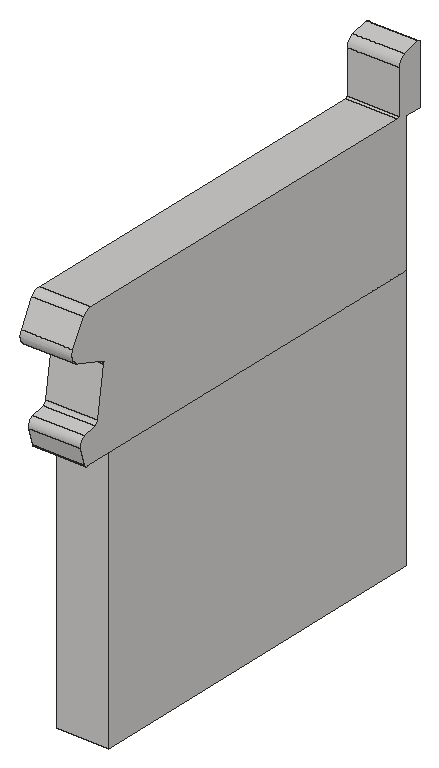
Revit family "QF_CAPIC_CELTIC_W380631", category Equipement spécialisé, Revit 2018
Family settings
  Cote de connecteur circulaire = Utiliser le diamètre
  Type d'élément = Normal
  Numéro OmniClass = 23.40.40.14
  Titre OmniClass = Food Service Equipment
  Basée sur le plan de construction = Non
  Toujours verticalement = Oui
  Couper avec des vides une fois chargée = Non
  Partagée = Non
  Point de calcul de pièce = Non
Parameters (values of type "100 x 835 x 900 mm")
  URL catalogue = "http://www.capic-fr.com/fr/"
  Type de Raccord Plomberie [instance] = ""
  Type de Raccord Electrique [instance] = ""
  Type de Gaz = ""
  Type article [instance] = ""
  Tension = 0 V
  Spécification du Fabricant = ""
  Show Logo [instance] = yes
  Remarques evacuation [instance] = ""
  Remarques Plomberie [instance] = ""
  Remarques Electricité [instance] = ""
  Puissance électrique  = 0 W
  Puissance Gaz kW = 0
  Profondeur hors tout = 835 mm
  Pression Maximum Eau Adoucie = 0.0 Pa
  Poids net à vide = 15.10 kg
  Phase = 0
  Modèle = "W380631"
  Longueur hors tout = 100 mm
  Intensité nominale = 0 A
  Hauteur hors tout = 1015 mm
  Hauteur de Raccordement du Sol Finis = 0 mm
  Hauteur de Raccordement Gaz du Sol Finis = 0 mm
  Hauteur de Raccordement Evacuation Directe du Sol Finis = 0 mm
  Hauteur de Raccordement Eau Froide du Sol Finis = 0 mm
  Hauteur de Raccordement Eau Chaude du Sol Finis = 0 mm
  Hauteur de Raccordement Eau Adoucie du Sol Finis = 0 mm
  Fréquence = 0 Hz
  Fabricant = "CAPIC"
  Débit d'air d'extraction = 0.0 m³/h
  Débit Gaz = 0.0 L/s
  Débit Eau Froide = 0.0 L/s
  Débit Eau Chaude = 0.0 L/s
  Débit Eau Adoucie = 0.0 L/s
  Diamètre de Raccordement Gaz = 0 mm
  Diamètre de Raccordement Evacuation = 0 mm
  Diamètre de Raccordement Eau Froide = 0 mm
  Diamètre de Raccordement Eau Chaude = 0 mm
  Diamètre de Raccordement Eau Adoucie = 0 mm
  Description = "Plan neutre sur facade pleine"
  Assembly Code = ""
  Classification  Omniclass nombre et titre = "23.40.40.14"
Reference planes
  plane 1 "Centre (avant/arrière)": y = 0
  plane 2: z = 0
  plane 3 "Centre (gauche/droite)": x = 0
  plane 4: x = 100
  plane 5: z = 120.054
Forms (mm)
  Extrusion 1, solid, material "QF_Stainless Steel-Brushed"
    sketch origin (0, 0, 0) x (0, 1, 0) y (0, 0, 1)
      loop
        line (-122, 897) -> (-89, 897) -> (-89, 1011.429)
        arc (-89, 1011.429) -> (-89.782, 1013.016) -> (-91.518, 1013.361) r 2
        line (-91.518, 1013.361) -> (-123.288, 1004.848)
        arc (-123.288, 1004.848) -> (-133.177, 998.24) -> (-137, 986.978) r 18.5
        line (-137, 986.978) -> (-137, 903)
        arc (-137, 903) -> (-137.879, 900.879) -> (-140, 900) r 3
        line (-140, 900) -> (-879.289, 900)
        arc (-879.289, 900) -> (-889.289, 897.321) -> (-896.61, 890) r 20
        line (-896.61, 890) -> (-922.551, 845.067)
        arc (-922.551, 845.067) -> (-924.025, 828.227) -> (-912.071, 816.274) r 20
        line (-912.071, 816.274) -> (-852.584, 794.622)
        arc (-852.584, 794.622) -> (-849.467, 792.029) -> (-848.71, 788.045) r 6
        line (-848.71, 788.045) -> (-863.004, 697.797)
        arc (-863.004, 697.797) -> (-865.152, 693.242) -> (-869.412, 690.554) r 9
        line (-869.412, 690.554) -> (-893.968, 683.511)
        arc (-893.968, 683.511) -> (-902.687, 676.541) -> (-903.87, 665.441) r 14.5
        line (-903.87, 665.441) -> (-894.201, 632.915)
        arc (-894.201, 632.915) -> (-892.759, 630.848) -> (-890.367, 630.054) r 4
        line (-890.367, 630.054) -> (-122, 630.054) -> (-122, 897)
    from 0 to 100
  Extrusion 2, solid, material "QF_Stainless Steel-Brushed"
    sketch origin (0, 0, 0) x (0, 1, 0) y (0, 0, 1)
      loop
        line (-122, 120.054) -> (-122, 630.054) -> (-838, 630.054) -> (-838, 120.054) -> (-122, 120.054)
    from 0 to 100
Dimensions and locks
  "Longueur hors tout": plane 3 "Centre (gauche/droite)" to plane 4
  aligned and locked: level to plane 2
  aligned and locked: plane 4 to Extrusion 1
  aligned and locked: plane 4 to Extrusion 2
Automatic sketch dimensions
  plane 1 "Centre (avant/arrière)" to Extrusion 1 sketch curve = 89 mm
  plane 1 "Centre (avant/arrière)" to Extrusion 1 sketch curve = 91 mm
  Extrusion 1 sketch curve to Extrusion 1 sketch curve = 0.518 mm
  plane 1 "Centre (avant/arrière)" to Extrusion 1 sketch curve = 122 mm
  plane 1 "Centre (avant/arrière)" to Extrusion 1 sketch curve = 118.5 mm
  Extrusion 1 sketch curve to Extrusion 1 sketch curve = 4.788 mm
  Extrusion 1 sketch curve to Extrusion 1 sketch curve = 18.5 mm
  Extrusion 1 sketch curve to Extrusion 1 sketch curve = 3 mm
  Extrusion 1 sketch curve to Extrusion 1 sketch curve = 3.874 mm
  Extrusion 1 sketch curve to Extrusion 1 sketch curve = 2.052 mm
  Extrusion 1 sketch curve to Extrusion 1 sketch curve = 14.294 mm
  Extrusion 1 sketch curve to Extrusion 1 sketch curve = 6.408 mm
  Extrusion 1 sketch curve to Extrusion 1 sketch curve = 8.889 mm
  Extrusion 1 sketch curve to Extrusion 1 sketch curve = 26.705 mm
  Extrusion 1 sketch curve to Extrusion 1 sketch curve = 20.559 mm
  Extrusion 1 sketch curve to Extrusion 1 sketch curve = 0.396 mm
  Extrusion 1 sketch curve to Extrusion 1 sketch curve = 3.998 mm
  Extrusion 1 sketch curve to Extrusion 1 sketch curve = 3.834 mm
  Extrusion 1 sketch curve to Extrusion 1 sketch curve = 17.321 mm  (x2)
  Extrusion 1 sketch curve to Extrusion 1 sketch curve = 13.899 mm
  Extrusion 1 sketch curve to Extrusion 1 sketch curve = 25.942 mm
  Extrusion 1 sketch curve to Extrusion 1 sketch curve = 6.84 mm
  level to Extrusion 1 sketch curve = 630.054 mm
  Extrusion 1 sketch curve to Extrusion 1 sketch curve = 2.86 mm
  Extrusion 1 sketch curve to Extrusion 1 sketch curve = 32.526 mm
  Extrusion 1 sketch curve to Extrusion 1 sketch curve = 4.131 mm
  Extrusion 1 sketch curve to Extrusion 1 sketch curve = 7.043 mm
  Extrusion 1 sketch curve to Extrusion 1 sketch curve = 7.243 mm
  Extrusion 1 sketch curve to Extrusion 1 sketch curve = 90.248 mm
  Extrusion 1 sketch curve to Extrusion 1 sketch curve = 0.939 mm
  Extrusion 1 sketch curve to Extrusion 1 sketch curve = 21.652 mm
  Extrusion 1 sketch curve to Extrusion 1 sketch curve = 18.794 mm
  Extrusion 1 sketch curve to Extrusion 1 sketch curve = 44.933 mm
  Extrusion 1 sketch curve to Extrusion 1 sketch curve = 10 mm
  Extrusion 1 sketch curve to Extrusion 1 sketch curve = 6 mm
  Extrusion 1 sketch curve to Extrusion 1 sketch curve = 83.978 mm
  Extrusion 1 sketch curve to Extrusion 1 sketch curve = 6.581 mm
  Extrusion 1 sketch curve to Extrusion 1 sketch curve = 708.71 mm
  Extrusion 2 sketch curve to plane 5 = 0 mm
  plane 5 to Extrusion 2 sketch curve = 510 mm
  plane 1 "Centre (avant/arrière)" to Extrusion 2 sketch curve = 838 mm
  plane 1 "Centre (avant/arrière)" to Extrusion 2 sketch curve = 122 mm
